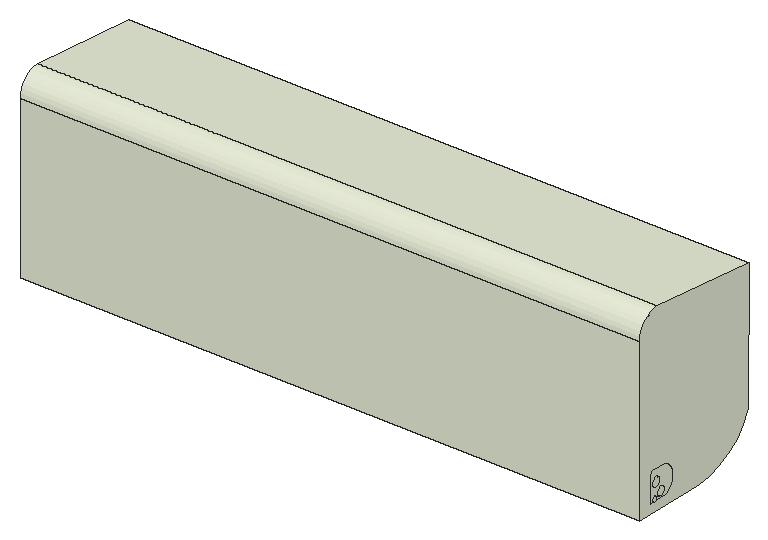
Revit family "AF-W 71-80-90", category HLS-Bauteile, Revit 2017
Family settings
  Bemaßung runder Anschluss = Durchmesser verwenden
  Teiletyp = Normal
  OmniClass-Nummer = 23.75.00.00
  OmniClass-Titel = Climate Control (HVAC)
  Arbeitsebenenbasiert = Nein
  Immer vertikal = Ja
  Beim Laden mit Abzugskörper schneiden = Nein
  Gemeinsam genutzt = Nein
  Raumberechnungspunkt = Nein
Parameters (values of type "AF-W 80")
  Width = 1194.000 mm
  URL = ""
  Series = "VRF"
  Power supply = "220-240V ~50/60Hz"
  Panel color = "S1022"
  Net Weight = 17.00 kg
  Modell = "AF-W 80"
  Minimum Circuit Amps = 0.6 A
  Min cable selection (power wiring) = "3×2.5 mm2"
  Maximum Fuse Amps = 15 A
  Hersteller = "Bosch"
  Machine material = Galvanized Steel
  Liquid pipe = 9.520 mm
  Installation = "Indoor installation"
  Height = 343.000 mm
  Heating Power Input = 53 W
  Heating Capacity = 9 kW
  Gas pipe = 15.900 mm
  Gas = "R410A"
  Drain pipe = 16.500 mm
  Beschreibung = "High efficiency air cooled"
  Depth = 262.000 mm
  Cooling Power Input = 53 W
  Cooling Capacity = 8 kW
  Condensation = "Air"
  Air Flow max = 1195.00 m³/h
Types (3, lengths in mm): name | Modell | Minimum Circuit Amps | Heating Power Input | Heating Capacity | Cooling Power Input | Cooling Capacity | Air Flow max
  AF-W 90 | "AF-W 90" | 0.78 A | 82 W | 10 kW | 82 W | 9 kW | 1421.00 m³/h
  AF-W 80 | "AF-W 80" | 0.6 A | 53 W | 9 kW | 53 W | 8 kW | 1195.00 m³/h
  AF-W 71 | "AF-W 71" | 0.6 A | 49 W | 8 kW | 49 W | 7.1 kW | 1195.00 m³/h
Reference planes
  plane 1 "center(front/back)": y = 0
  plane 2: z = 0
  plane 3 "center(left/right)": x = 0
  plane 4: z = 343
Forms (mm)
  Extrusion 1, solid, material "Galvanized Steel" <- "Machine material", detail levels fine
    sketch origin (0, 125, 12.5) x (0, 1, 0) y (0, 0, 1)
      loop
        circle (-113.005, 29.131) r 8.25
    from -327.547 to 597
  Extrusion 2, solid, material "Galvanized Steel" <- "Machine material", detail levels fine
    sketch origin (0, 123.592, 9.769) x (0, 1, 0) y (0, 0, 1)
      loop
        circle (-100.476, 10.907) r 7.95
    from -327.547 to 597
  Extrusion 3, solid, material "Galvanized Steel" <- "Machine material", detail levels fine
    sketch origin (0, 127.199, 0) x (0, 1, 0) y (0, 0, 1)
      loop
        circle (-119.554, 12.9) r 4.76
    from -327.547 to 597
  Extrusion 4, solid, material "Galvanized Steel" <- "Machine material", detail levels medium+fine
    sketch origin (0, 0, 0) x (0, 1, 0) y (0, 0, 1)
      loop
        line (-27.111, -8.387) -> (114.7, -8.387)
        arc (114.7, -8.387) -> (186.418, 12.91) -> (234.889, 69.896) r 131.405
        line (234.889, 69.896) -> (234.889, 321.1) -> (15.372, 342.728)
        arc (15.372, 342.728) -> (-14.668, 330.285) -> (-27.111, 300.245) r 42.482
        line (-27.111, 300.245) -> (-27.111, -8.387)
    from 597 to -597
  Extrusion 5, solid, material "Galvanized Steel" <- "Machine material", detail levels fine
    sketch origin (0, 0, 0) x (0, 1, 0) y (0, 0, 1)
      loop
        arc (101.5, 0) -> (137.495, 5.734) -> (169.928, 22.368) r 115.852
        line (169.928, 22.368) -> (162.857, 29.439) -> (91.134, 7.511) -> (91.134, 0) -> (101.5, 0)
    from 435 to -435
  Extrusion 6, solid, material "Galvanized Steel" <- "Machine material", detail levels fine
    sketch origin (0, 0, 0) x (0, 1, 0) y (0, 0, 1)
      loop
        line (0, 63) -> (0, 9) -> (30, 9)
        arc (30, 9) -> (44.142, 14.858) -> (50, 29) r 20
        line (50, 29) -> (50, 43)
        arc (50, 43) -> (44.142, 57.142) -> (30, 63) r 20
        line (30, 63) -> (0, 63)
    from 597 to -597
Lines and regions (mm)
  model lines, detail levels fine
    curve 1: line (537, 210.739, 323.48) -> (-422, 210.739, 323.48)
    curve 2: line (-422, 210.739, 323.48) -> (-422, 35.841, 340.711)
    curve 3: line (-422, 35.841, 340.711) -> (537, 35.841, 340.711)
    curve 4: line (537, 35.841, 340.711) -> (537, 210.739, 323.48)
    curve 5: line (-122, 35.841, 340.711) -> (-122, 210.739, 323.48)
    curve 6: line (28, 35.841, 340.711) -> (28, 210.739, 323.48)
    curve 7: line (-272, 35.841, 340.711) -> (-272, 210.739, 323.48)
    curve 8: line (103, 35.841, 340.711) -> (103, 210.739, 323.48)
    curve 9: line (-47, 35.841, 340.711) -> (-47, 210.739, 323.48)
    curve 10: line (-197, 35.841, 340.711) -> (-197, 210.739, 323.48)
    curve 11: line (-347, 35.841, 340.711) -> (-347, 210.739, 323.48)
    curve 12: line (537, 85.6, 335.808) -> (-422, 85.6, 335.808)
    curve 13: line (537, 160.98, 328.382) -> (-422, 160.98, 328.382)
    curve 14: line (100, 35.841, 340.711) -> (100, 210.739, 323.48)
    curve 15: line (25, 35.841, 340.711) -> (25, 210.739, 323.48)
    curve 16: line (-50, 35.841, 340.711) -> (-50, 210.739, 323.48)
    curve 17: line (-125, 35.841, 340.711) -> (-125, 210.739, 323.48)
    curve 18: line (-200, 35.841, 340.711) -> (-200, 210.739, 323.48)
    curve 19: line (-275, 35.841, 340.711) -> (-275, 210.739, 323.48)
    curve 20: line (-350, 35.841, 340.711) -> (-350, 210.739, 323.48)
    curve 21: line (537, 82.615, 336.103) -> (-422, 82.615, 336.103)
    curve 22: line (537, 163.966, 328.088) -> (-422, 163.966, 328.088)
    curve 39: line (178, 35.841, 340.711) -> (178, 210.739, 323.48)
    curve 40: line (175, 35.841, 340.711) -> (175, 210.739, 323.48)
    curve 41: line (253, 35.841, 340.711) -> (253, 210.739, 323.48)
    curve 42: line (250, 35.841, 340.711) -> (250, 210.739, 323.48)
    curve 43: line (328, 35.841, 340.711) -> (328, 210.739, 323.48)
    curve 44: line (325, 35.841, 340.711) -> (325, 210.739, 323.48)
    curve 45: line (403, 35.841, 340.711) -> (403, 210.739, 323.48)
    curve 46: line (400, 35.841, 340.711) -> (400, 210.739, 323.48)
    curve 47: line (478, 35.841, 340.711) -> (478, 210.739, 323.48)
    curve 48: line (475, 35.841, 340.711) -> (475, 210.739, 323.48)
  model lines
    curve 23: line (597, 234.889, 321.1) -> (597, 15.372, 342.728)
    curve 24: line (597, 15.372, 342.728) -> (-597, 15.372, 342.728)
    curve 25: line (-597, 15.372, 342.728) -> (-597, 234.889, 321.1)
    curve 26: line (-597, 234.889, 321.1) -> (597, 234.889, 321.1)
    curve 27: line (-597, 234.889, 321.1) -> (-597, 234.889, 69.896)
    curve 28: line (-597, -27.111, 300.245) -> (-597, -27.111, -8.387)
    curve 29: arc (-597, 15.372, 342.728) -> (-597, -14.668, 330.285) -> (-597, -27.111, 300.245) r 42.482
    curve 30: line (-597, -27.111, -8.387) -> (-597, 114.7, -8.387)
    curve 31: arc (-597, 114.7, -8.387) -> (-597, 186.418, 12.91) -> (-597, 234.889, 69.896) r 131.405
    curve 32: line (597, -27.111, 300.245) -> (597, -27.111, -8.387)
    curve 33: arc (597, 15.372, 342.728) -> (597, -14.668, 330.285) -> (597, -27.111, 300.245) r 42.482
    curve 34: line (597, 234.889, 69.896) -> (597, 234.889, 321.1)
    curve 35: line (597, -27.111, -8.387) -> (597, 114.7, -8.387)
    curve 36: arc (597, 114.7, -8.387) -> (597, 186.418, 12.91) -> (597, 234.889, 69.896) r 131.405
    curve 37: line (597, 234.889, 69.896) -> (-597, 234.889, 69.896)
    curve 38: line (-597, -27.111, -8.387) -> (597, -27.111, -8.387)
Dimensions and locks
  "Height": level to plane 4
  "Width": Extrusion 4 to Extrusion 4
  "Depth": Extrusion 4 to Extrusion 4
  "Liquid pipe": diameter of Extrusion 3 sketch curve
  "Gas pipe": diameter of Extrusion 2 sketch curve
  "Drain pipe": diameter of Extrusion 1 sketch curve
  aligned and locked: level to plane 2
Automatic sketch dimensions
  plane 1 "center(front/back)" to Extrusion 4 sketch curve = 27.111 mm
  Extrusion 4 sketch curve to level = 8.387 mm
  level to Extrusion 4 sketch curve = 69.896 mm
  Extrusion 4 sketch curve to plane 1 "center(front/back)" = 15.372 mm
  Extrusion 4 sketch curve to plane 1 "center(front/back)" = 114.700 mm
  Extrusion 4 sketch curve to Extrusion 4 sketch curve = 120.189 mm
  Extrusion 4 sketch curve to Extrusion 4 sketch curve = 198.082 mm
  Extrusion 4 sketch curve to Extrusion 4 sketch curve = 177.227 mm
  Extrusion 5 sketch curve to level = 0.000 mm
  Extrusion 5 sketch curve to plane 1 "center(front/back)" = 91.134 mm
  level to Extrusion 5 sketch curve = 7.511 mm
  Extrusion 5 sketch curve to Extrusion 5 sketch curve = 10.366 mm
  level to Extrusion 5 sketch curve = 29.439 mm
  Extrusion 5 sketch curve to Extrusion 5 sketch curve = 61.357 mm
  level to Extrusion 5 sketch curve = 22.368 mm
  Extrusion 5 sketch curve to Extrusion 5 sketch curve = 7.071 mm
  Extrusion 6 sketch curve to plane 1 "center(front/back)" = 0.000 mm
  level to Extrusion 6 sketch curve = 9.000 mm
  Extrusion 6 sketch curve to plane 1 "center(front/back)" = 30.000 mm  (x2)
  Extrusion 6 sketch curve to Extrusion 6 sketch curve = 20.000 mm
  Extrusion 6 sketch curve to Extrusion 6 sketch curve = 14.000 mm
  curve 27 to Extrusion 4 = 0.000 mm
  Extrusion 4 to curve 27 = 0.000 mm
  curve 34 to Extrusion 4 = 0.000 mm  (x2)
  curve 37 to Extrusion 4 = 0.000 mm  (x3)
  Extrusion 4 to curve 38 = 0.000 mm
  curve 38 to Extrusion 4 = 0.000 mm  (x2)
  curve 26 to Extrusion 4 = 0.000 mm
  Extrusion 4 to curve 26 = 0.000 mm
  curve 25 to Extrusion 4 = 0.000 mm  (x2)
  curve 2 to Extrusion 4 = 20.569 mm
  Extrusion 4 to curve 2 = 175.000 mm
  Extrusion 4 to curve 2 = 24.267 mm
  curve 1 to curve 22 = 47.000 mm
  curve 22 to curve 13 = 3.000 mm
  curve 12 to curve 2 = 50.000 mm
  curve 12 to curve 21 = 3.000 mm
  Extrusion 4 to curve 4 = 60.000 mm
  curve 2 to curve 20 = 72.000 mm
  curve 20 to curve 11 = 3.000 mm
  curve 11 to curve 19 = 72.000 mm
  curve 19 to curve 7 = 3.000 mm
  curve 7 to curve 18 = 72.000 mm
  curve 18 to curve 10 = 3.000 mm
  curve 10 to curve 17 = 72.000 mm
  curve 17 to curve 5 = 3.000 mm
  curve 5 to curve 16 = 72.000 mm
  curve 16 to curve 9 = 3.000 mm
  curve 9 to curve 15 = 72.000 mm
  curve 15 to curve 6 = 3.000 mm
  curve 6 to curve 14 = 72.000 mm
  curve 14 to curve 8 = 3.000 mm
  curve 8 to curve 40 = 72.000 mm
  curve 40 to curve 39 = 3.000 mm
  curve 39 to curve 42 = 72.000 mm
  curve 42 to curve 41 = 3.000 mm
  curve 41 to curve 44 = 72.000 mm
  curve 44 to curve 43 = 3.000 mm
  curve 43 to curve 46 = 72.000 mm
  curve 46 to curve 45 = 3.000 mm
  curve 48 to curve 1 = 62.000 mm
  curve 48 to curve 47 = 3.000 mm
  Extrusion 1 sketch curve to plane 1 "center(front/back)" = 11.995 mm
  level to Extrusion 1 sketch curve = 41.631 mm
  Extrusion 2 sketch curve to plane 1 "center(front/back)" = 23.116 mm
  level to Extrusion 2 sketch curve = 20.676 mm
  Extrusion 3 sketch curve to plane 1 "center(front/back)" = 7.645 mm
  level to Extrusion 3 sketch curve = 12.900 mm
  radius of curve 29 to Extrusion 4 = 0.000 mm
  radius of curve 31 to Extrusion 4 = 0.000 mm
  radius of curve 33 to Extrusion 4 = 0.000 mm
  radius of curve 36 to Extrusion 4 = 0.000 mm
Connectors
  piping at (597, 11.995, 41.631), diameter 16.5, driven by "Drain pipe"
    settings: on Extrusion 1, index 5, connector inside diameter 16.5 mm, connector length 0.000 mm, flow factor 0, pipe flow 0.0 m³/h, pressure drop 0.0 Pa, fitting loss kfactor 0, connector angle 0.00°, fixture units 0, engagement length 0.000 mm, angle of deflection 0.00°, flow configuration 1, flow direction 2, fitting loss method 0, system type 29, joint type 0, gender type 0, connector reference index -1, connector utility 0, adjustable connector no, is connector primary yes, connector description "Drain pipe"
  piping at (597, 23.116, 20.676), diameter 15.9, driven by "Gas pipe"
    settings: on Extrusion 2, index 6, connector inside diameter 15.9 mm, connector length 0.000 mm, flow factor 0, pipe flow 0.0 m³/h, pressure drop 0.0 Pa, fitting loss kfactor 0, connector angle 0.00°, fixture units 0, engagement length 0.000 mm, angle of deflection 0.00°, flow configuration 1, flow direction 0, fitting loss method 4, system type 22, joint type 0, gender type 0, connector reference index -1, connector utility 0, adjustable connector no, is connector primary no, connector description "Gas pipe"
  piping at (597, 7.645, 12.9), diameter 9.52, driven by "Liquid pipe"
    settings: on Extrusion 3, index 7, connector inside diameter 9.53 mm, connector length 0.000 mm, flow factor 0, pipe flow 0.0 m³/h, pressure drop 0.0 Pa, fitting loss kfactor 0, connector angle 0.00°, fixture units 0, engagement length 0.000 mm, angle of deflection 0.00°, flow configuration 1, flow direction 0, fitting loss method 4, system type 22, joint type 0, gender type 0, connector reference index -1, connector utility 0, adjustable connector no, is connector primary no, connector description "Liquid pipe"
  electrical at (-597, 26.667, 36)
    settings: on Extrusion 6, index 8, voltage 220 V, apparent load 0 VA, apparent load phase1 0 VA, apparent load phase2 0 VA, apparent load phase3 0 VA, power factor 1, load classification "Power", number of poles 1, system type 30, power factor state 1, is connector primary yes, connector utility no, sub classification motor no, connector description "The location of electrical connectors is not the same as the actual location because the wiring terminal is inside the unit."
